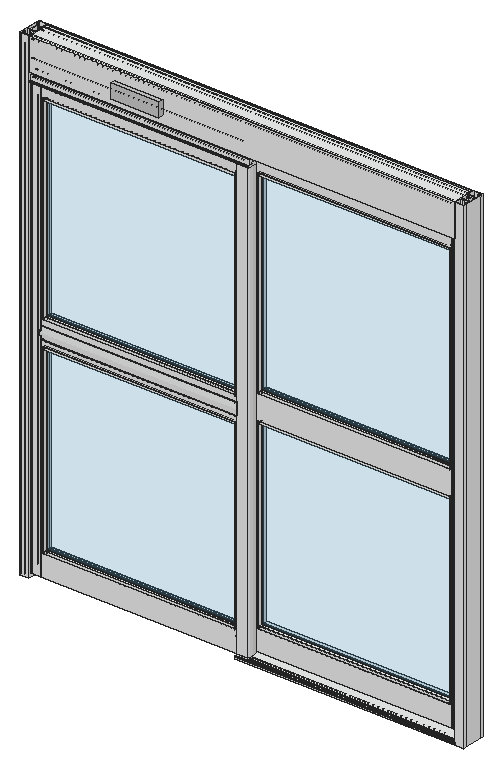
Revit family "2-6-4_Sliding-Door_TX9300SL_Single-LH-Inside-Slide-SO-SX-w-Elec-Lock-Flush-Mnt-Exit-Panic-HDW_Tormax", category Doors, host Wall, Revit 2026 (continued)
Definition of nested family "Door-Sliding-Tormax-Panel-Exit_Panic-SX_2.6"
  Forms (in)
    Sweep 3, solid, material <- "Frame Material"
      profile origin (20.71875, 0, 42.06249) x (-1, 0, 0) y (0, -1, 0)
        loop
          arc (0.25342, -0.37931) -> (0.28778, -0.57356) -> (0.33606, -0.76483) r 2.73645
          line (0.33606, -0.76483) -> (1.844, -0.76483)
    Sweep 4, solid, material <- "Frame Material"
      path origin (0, 0, 0) x (1, 0, 0) y (0, 0, 1)
        loop
          line (0, 4.5) -> (0, 39.75)
      profile origin (0, 0, 22.125) x (-1, 0, 0) y (0, -1, 0)
        loop
          line (-18.59375, -0.87481) -> (-18.09395, -0.87481) -> (-18.09395, -0.20955) -> (-18.05909, -0.20955) -> (-17.99796, -0.09459) -> (-18.01995, -0.07259) -> (-18.09186, -0.12483) -> (-18.30168, -0.12483) -> (-18.30168, -0.20955) -> (-18.4693, -0.20955) -> (-18.4693, -0.13997) -> (-18.55595, -0.13997) -> (-18.55595, 0.13997) -> (-18.4693, 0.13997) -> (-18.4693, 0.20955) -> (-18.30168, 0.20955) -> (-18.30168, 0.12483) -> (-18.09186, 0.12483) -> (-18.01995, 0.07259) -> (-17.99796, 0.09459) -> (-18.05909, 0.20955) -> (-18.09395, 0.20955) -> (-18.09395, 0.87481) -> (-18.59375, 0.87481) -> (-18.59375, 0.66561) -> (-18.69347, 0.66561) -> (-18.69347, 0.76483) -> (-18.74347, 0.76483) -> (-18.74347, 0.6157) -> (-18.63748, 0.6157) -> (-18.51344, 0.49166) -> (-18.51344, 0.32983)
          arc (-18.51344, 0.32983) -> (-18.57886, 0.30274) -> (-18.60595, 0.23732) r 0.09251
          line (-18.60595, 0.23732) -> (-18.60595, 0.1901) -> (-18.74975, 0.1901) -> (-18.74975, 0.13997) -> (-18.60595, 0.13997) -> (-18.60595, -0.13997) -> (-18.74975, -0.13997) -> (-18.74975, -0.1901) -> (-18.61896, -0.1901) -> (-18.61896, -0.25955) -> (-18.40109, -0.25955) -> (-18.40109, -0.4032) -> (-18.14361, -0.4032) -> (-18.14361, -0.8251) -> (-18.54358, -0.8251) -> (-18.54358, -0.65698) -> (-18.65806, -0.65698) -> (-18.65806, -0.70698) -> (-18.59375, -0.70698) -> (-18.59375, -0.87481)
        loop
          line (-18.49369, 0.8251) -> (-18.49369, 0.74143) -> (-18.55985, 0.74143) -> (-18.55985, 0.67847) -> (-18.46344, 0.58206) -> (-18.46344, 0.25099) -> (-18.40109, 0.25099) -> (-18.40109, 0.4032) -> (-18.14361, 0.4032) -> (-18.14361, 0.8251) -> (-18.49369, 0.8251)
        loop
          line (18.59375, -0.87481) -> (18.59375, -0.70698) -> (18.65806, -0.70698) -> (18.65806, -0.65698) -> (18.54358, -0.65698) -> (18.54358, -0.8251) -> (18.14361, -0.8251) -> (18.14361, -0.4032) -> (18.40109, -0.4032) -> (18.40109, -0.25955) -> (18.61896, -0.25955) -> (18.61896, -0.1901) -> (18.74975, -0.1901) -> (18.74975, -0.13997) -> (18.60595, -0.13997) -> (18.60595, 0.13997) -> (18.74975, 0.13997) -> (18.74975, 0.1901) -> (18.60595, 0.1901) -> (18.60595, 0.23732)
          arc (18.60595, 0.23732) -> (18.57886, 0.30274) -> (18.51344, 0.32983) r 0.09251
          line (18.51344, 0.32983) -> (18.51344, 0.49166) -> (18.63748, 0.6157) -> (18.74347, 0.6157) -> (18.74347, 0.76483) -> (18.69347, 0.76483) -> (18.69347, 0.66561) -> (18.59375, 0.66561) -> (18.59375, 0.87481) -> (18.09395, 0.87481) -> (18.09395, 0.20955) -> (18.05909, 0.20955) -> (17.99796, 0.09459) -> (18.01995, 0.07259) -> (18.09186, 0.12483) -> (18.30168, 0.12483) -> (18.30168, 0.20955) -> (18.4693, 0.20955) -> (18.4693, 0.13997) -> (18.55595, 0.13997) -> (18.55595, -0.13997) -> (18.4693, -0.13997) -> (18.4693, -0.20955) -> (18.30168, -0.20955) -> (18.30168, -0.12483) -> (18.09186, -0.12483) -> (18.01995, -0.07259) -> (17.99796, -0.09459) -> (18.05909, -0.20955) -> (18.09395, -0.20955) -> (18.09395, -0.87481) -> (18.59375, -0.87481)
        loop
          line (18.49369, 0.8251) -> (18.14361, 0.8251) -> (18.14361, 0.4032) -> (18.40109, 0.4032) -> (18.40109, 0.25099) -> (18.46344, 0.25099) -> (18.46344, 0.58206) -> (18.55985, 0.67847) -> (18.55985, 0.74143) -> (18.49369, 0.74143) -> (18.49369, 0.8251)
    Extrusion 5, solid, material <- "Glass"
      sketch origin (0, 0, 0) x (1, 0, 0) y (0, 1, 0)
        loop
          line (-18.30168, 0.12483) -> (-18.30168, -0.12517) -> (18.30168, -0.12517) -> (18.30168, 0.12483) -> (-18.30168, 0.12483)
      from 4.60457 to 39.45793
    Sweep 6, solid, material <- "Frame Material"
      path origin (0, 0, 0) x (1, 0, 0) y (0, 0, 1)
        loop
          line (-18.09395, 42.75) -> (18.09395, 42.75)
      profile origin (0, 0, 42.75) x (0, 0, 1) y (0, -1, 0)
        loop
          line (-38.25, -0.87481) -> (-37.7502, -0.87481) -> (-37.7502, -0.20955) -> (-37.71534, -0.20955) -> (-37.65421, -0.09459) -> (-37.6762, -0.07259) -> (-37.74811, -0.12483) -> (-37.95793, -0.12483) -> (-37.95793, -0.20955) -> (-38.12555, -0.20955) -> (-38.12555, -0.13997) -> (-38.2122, -0.13997) -> (-38.2122, 0.13997) -> (-38.12555, 0.13997) -> (-38.12555, 0.20955) -> (-37.95793, 0.20955) -> (-37.95793, 0.12483) -> (-37.74811, 0.12483) -> (-37.6762, 0.07259) -> (-37.65421, 0.09459) -> (-37.71534, 0.20955) -> (-37.7502, 0.20955) -> (-37.7502, 0.87481) -> (-38.25, 0.87481) -> (-38.25, 0.66561) -> (-38.34972, 0.66561) -> (-38.34972, 0.76483) -> (-38.39972, 0.76483) -> (-38.39972, 0.6157) -> (-38.29373, 0.6157) -> (-38.16969, 0.49166) -> (-38.16969, 0.32983)
          arc (-38.16969, 0.32983) -> (-38.23511, 0.30274) -> (-38.2622, 0.23732) r 0.09251
          line (-38.2622, 0.23732) -> (-38.2622, 0.1901) -> (-38.406, 0.1901) -> (-38.406, 0.13997) -> (-38.2622, 0.13997) -> (-38.2622, -0.13997) -> (-38.406, -0.13997) -> (-38.406, -0.1901) -> (-38.27521, -0.1901) -> (-38.27521, -0.25955) -> (-38.05734, -0.25955) -> (-38.05734, -0.4032) -> (-37.79986, -0.4032) -> (-37.79986, -0.8251) -> (-38.19983, -0.8251) -> (-38.19983, -0.65698) -> (-38.31431, -0.65698) -> (-38.31431, -0.70698) -> (-38.25, -0.70698) -> (-38.25, -0.87481)
        loop
          line (-38.14994, 0.8251) -> (-38.14994, 0.74143) -> (-38.2161, 0.74143) -> (-38.2161, 0.67847) -> (-38.11969, 0.58206) -> (-38.11969, 0.25099) -> (-38.05734, 0.25099) -> (-38.05734, 0.4032) -> (-37.79986, 0.4032) -> (-37.79986, 0.8251) -> (-38.14994, 0.8251)
        loop
          line (-3, -0.87481) -> (-3, -0.70698) -> (-2.93569, -0.70698) -> (-2.93569, -0.65698) -> (-3.05017, -0.65698) -> (-3.05017, -0.8251) -> (-3.45014, -0.8251) -> (-3.45014, -0.4032) -> (-3.19266, -0.4032) -> (-3.19266, -0.25955) -> (-2.97479, -0.25955) -> (-2.97479, -0.1901) -> (-2.844, -0.1901) -> (-2.844, -0.13997) -> (-2.9878, -0.13997) -> (-2.9878, 0.13997) -> (-2.844, 0.13997) -> (-2.844, 0.1901) -> (-2.9878, 0.1901) -> (-2.9878, 0.23732)
          arc (-2.9878, 0.23732) -> (-3.01489, 0.30274) -> (-3.08031, 0.32983) r 0.09251
          line (-3.08031, 0.32983) -> (-3.08031, 0.49166) -> (-2.95627, 0.6157) -> (-2.85028, 0.6157) -> (-2.85028, 0.76483) -> (-2.90028, 0.76483) -> (-2.90028, 0.66561) -> (-3, 0.66561) -> (-3, 0.87481) -> (-3.4998, 0.87481) -> (-3.4998, 0.20955) -> (-3.53466, 0.20955) -> (-3.59579, 0.09459) -> (-3.5738, 0.07259) -> (-3.50189, 0.12483) -> (-3.29207, 0.12483) -> (-3.29207, 0.20955) -> (-3.12445, 0.20955) -> (-3.12445, 0.13997) -> (-3.0378, 0.13997) -> (-3.0378, -0.13997) -> (-3.12445, -0.13997) -> (-3.12445, -0.20955) -> (-3.29207, -0.20955) -> (-3.29207, -0.12483) -> (-3.50189, -0.12483) -> (-3.5738, -0.07259) -> (-3.59579, -0.09459) -> (-3.53466, -0.20955) -> (-3.4998, -0.20955) -> (-3.4998, -0.87481) -> (-3, -0.87481)
        loop
          line (-3.10006, 0.8251) -> (-3.45014, 0.8251) -> (-3.45014, 0.4032) -> (-3.19266, 0.4032) -> (-3.19266, 0.25099) -> (-3.13031, 0.25099) -> (-3.13031, 0.58206) -> (-3.0339, 0.67847) -> (-3.0339, 0.74143) -> (-3.10006, 0.74143) -> (-3.10006, 0.8251)
        loop
          line (1.5, -0.87481) -> (1.9998, -0.87481) -> (1.9998, -0.20955) -> (2.03466, -0.20955) -> (2.09579, -0.09459) -> (2.0738, -0.07259) -> (2.00189, -0.12483) -> (1.79207, -0.12483) -> (1.79207, -0.20955) -> (1.62445, -0.20955) -> (1.62445, -0.13997) -> (1.5378, -0.13997) -> (1.5378, 0.13997) -> (1.62445, 0.13997) -> (1.62445, 0.20955) -> (1.79207, 0.20955) -> (1.79207, 0.12483) -> (2.00189, 0.12483) -> (2.0738, 0.07259) -> (2.09579, 0.09459) -> (2.03466, 0.20955) -> (1.9998, 0.20955) -> (1.9998, 0.87481) -> (1.5, 0.87481) -> (1.5, 0.66561) -> (1.40028, 0.66561) -> (1.40028, 0.76483) -> (1.35028, 0.76483) -> (1.35028, 0.6157) -> (1.45627, 0.6157) -> (1.58031, 0.49166) -> (1.58031, 0.32983)
          arc (1.58031, 0.32983) -> (1.51489, 0.30274) -> (1.4878, 0.23732) r 0.09251
          line (1.4878, 0.23732) -> (1.4878, 0.1901) -> (1.344, 0.1901) -> (1.344, 0.13997) -> (1.4878, 0.13997) -> (1.4878, -0.13997) -> (1.344, -0.13997) -> (1.344, -0.1901) -> (1.47479, -0.1901) -> (1.47479, -0.25955) -> (1.69266, -0.25955) -> (1.69266, -0.4032) -> (1.95014, -0.4032) -> (1.95014, -0.8251) -> (1.55017, -0.8251) -> (1.55017, -0.65698) -> (1.43569, -0.65698) -> (1.43569, -0.70698) -> (1.5, -0.70698) -> (1.5, -0.87481)
        loop
          line (1.60006, 0.8251) -> (1.60006, 0.74143) -> (1.5339, 0.74143) -> (1.5339, 0.67847) -> (1.63031, 0.58206) -> (1.63031, 0.25099) -> (1.69266, 0.25099) -> (1.69266, 0.4032) -> (1.95014, 0.4032) -> (1.95014, 0.8251) -> (1.60006, 0.8251)
        loop
          line (39.12499, -0.87481) -> (39.12499, -0.70698) -> (39.18929, -0.70698) -> (39.18929, -0.65698) -> (39.07481, -0.65698) -> (39.07481, -0.8251) -> (38.67485, -0.8251) -> (38.67485, -0.4032) -> (38.93233, -0.4032) -> (38.93233, -0.25955) -> (39.1502, -0.25955) -> (39.1502, -0.1901) -> (39.28099, -0.1901) -> (39.28099, -0.13997) -> (39.13719, -0.13997) -> (39.13719, 0.13997) -> (39.28099, 0.13997) -> (39.28099, 0.1901) -> (39.13719, 0.1901) -> (39.13719, 0.23732)
          arc (39.13719, 0.23732) -> (39.11009, 0.30274) -> (39.04468, 0.32983) r 0.09251
          line (39.04468, 0.32983) -> (39.04468, 0.49166) -> (39.16871, 0.6157) -> (39.2747, 0.6157) -> (39.2747, 0.76483) -> (39.2247, 0.76483) -> (39.2247, 0.66561) -> (39.12499, 0.66561) -> (39.12499, 0.87481) -> (38.62519, 0.87481) -> (38.62519, 0.20955) -> (38.59032, 0.20955) -> (38.5292, 0.09459) -> (38.55119, 0.07259) -> (38.6231, 0.12483) -> (38.83291, 0.12483) -> (38.83291, 0.20955) -> (39.00054, 0.20955) -> (39.00054, 0.13997) -> (39.08719, 0.13997) -> (39.08719, -0.13997) -> (39.00054, -0.13997) -> (39.00054, -0.20955) -> (38.83291, -0.20955) -> (38.83291, -0.12483) -> (38.6231, -0.12483) -> (38.55119, -0.07259) -> (38.5292, -0.09459) -> (38.59032, -0.20955) -> (38.62519, -0.20955) -> (38.62519, -0.87481) -> (39.12499, -0.87481)
        loop
          line (39.02493, 0.8251) -> (38.67485, 0.8251) -> (38.67485, 0.4032) -> (38.93233, 0.4032) -> (38.93233, 0.25099) -> (38.99468, 0.25099) -> (38.99468, 0.58206) -> (39.09109, 0.67847) -> (39.09109, 0.74143) -> (39.02493, 0.74143) -> (39.02493, 0.8251)
    Sweep 7, solid, material <- "Frame Material"
      path origin (0, 0, 0) x (1, 0, 0) y (0, 0, 1)
        loop
          line (0, 44.25) -> (0, 81.87499)
      profile origin (0, 0, 63.06249) x (-1, 0, 0) y (0, -1, 0)
        loop
          line (-18.59375, -0.87481) -> (-18.09395, -0.87481) -> (-18.09395, -0.20955) -> (-18.05909, -0.20955) -> (-17.99796, -0.09459) -> (-18.01995, -0.07259) -> (-18.09186, -0.12483) -> (-18.30168, -0.12483) -> (-18.30168, -0.20955) -> (-18.4693, -0.20955) -> (-18.4693, -0.13997) -> (-18.55595, -0.13997) -> (-18.55595, 0.13997) -> (-18.4693, 0.13997) -> (-18.4693, 0.20955) -> (-18.30168, 0.20955) -> (-18.30168, 0.12483) -> (-18.09186, 0.12483) -> (-18.01995, 0.07259) -> (-17.99796, 0.09459) -> (-18.05909, 0.20955) -> (-18.09395, 0.20955) -> (-18.09395, 0.87481) -> (-18.59375, 0.87481) -> (-18.59375, 0.66561) -> (-18.69347, 0.66561) -> (-18.69347, 0.76483) -> (-18.74347, 0.76483) -> (-18.74347, 0.6157) -> (-18.63748, 0.6157) -> (-18.51344, 0.49166) -> (-18.51344, 0.32983)
          arc (-18.51344, 0.32983) -> (-18.57886, 0.30274) -> (-18.60595, 0.23732) r 0.09251
          line (-18.60595, 0.23732) -> (-18.60595, 0.1901) -> (-18.74975, 0.1901) -> (-18.74975, 0.13997) -> (-18.60595, 0.13997) -> (-18.60595, -0.13997) -> (-18.74975, -0.13997) -> (-18.74975, -0.1901) -> (-18.61896, -0.1901) -> (-18.61896, -0.25955) -> (-18.40109, -0.25955) -> (-18.40109, -0.4032) -> (-18.14361, -0.4032) -> (-18.14361, -0.8251) -> (-18.54358, -0.8251) -> (-18.54358, -0.65698) -> (-18.65806, -0.65698) -> (-18.65806, -0.70698) -> (-18.59375, -0.70698) -> (-18.59375, -0.87481)
        loop
          line (-18.49369, 0.8251) -> (-18.49369, 0.74143) -> (-18.55985, 0.74143) -> (-18.55985, 0.67847) -> (-18.46344, 0.58206) -> (-18.46344, 0.25099) -> (-18.40109, 0.25099) -> (-18.40109, 0.4032) -> (-18.14361, 0.4032) -> (-18.14361, 0.8251) -> (-18.49369, 0.8251)
        loop
          line (18.59375, -0.87481) -> (18.59375, -0.70698) -> (18.65806, -0.70698) -> (18.65806, -0.65698) -> (18.54358, -0.65698) -> (18.54358, -0.8251) -> (18.14361, -0.8251) -> (18.14361, -0.4032) -> (18.40109, -0.4032) -> (18.40109, -0.25955) -> (18.61896, -0.25955) -> (18.61896, -0.1901) -> (18.74975, -0.1901) -> (18.74975, -0.13997) -> (18.60595, -0.13997) -> (18.60595, 0.13997) -> (18.74975, 0.13997) -> (18.74975, 0.1901) -> (18.60595, 0.1901) -> (18.60595, 0.23732)
          arc (18.60595, 0.23732) -> (18.57886, 0.30274) -> (18.51344, 0.32983) r 0.09251
          line (18.51344, 0.32983) -> (18.51344, 0.49166) -> (18.63748, 0.6157) -> (18.74347, 0.6157) -> (18.74347, 0.76483) -> (18.69347, 0.76483) -> (18.69347, 0.66561) -> (18.59375, 0.66561) -> (18.59375, 0.87481) -> (18.09395, 0.87481) -> (18.09395, 0.20955) -> (18.05909, 0.20955) -> (17.99796, 0.09459) -> (18.01995, 0.07259) -> (18.09186, 0.12483) -> (18.30168, 0.12483) -> (18.30168, 0.20955) -> (18.4693, 0.20955) -> (18.4693, 0.13997) -> (18.55595, 0.13997) -> (18.55595, -0.13997) -> (18.4693, -0.13997) -> (18.4693, -0.20955) -> (18.30168, -0.20955) -> (18.30168, -0.12483) -> (18.09186, -0.12483) -> (18.01995, -0.07259) -> (17.99796, -0.09459) -> (18.05909, -0.20955) -> (18.09395, -0.20955) -> (18.09395, -0.87481) -> (18.59375, -0.87481)
        loop
          line (18.49369, 0.8251) -> (18.14361, 0.8251) -> (18.14361, 0.4032) -> (18.40109, 0.4032) -> (18.40109, 0.25099) -> (18.46344, 0.25099) -> (18.46344, 0.58206) -> (18.55985, 0.67847) -> (18.55985, 0.74143) -> (18.49369, 0.74143) -> (18.49369, 0.8251)
    Extrusion 8, solid, material <- "Glass"
      sketch origin (0, 0, 0) x (1, 0, 0) y (0, 1, 0)
        loop
          line (-18.30168, 0.12483) -> (-18.30168, -0.12517) -> (18.30168, -0.12517) -> (18.30168, 0.12483) -> (-18.30168, 0.12483)
      from 44.54207 to 81.58291
    Sweep 9, solid, material <- "Frame Material"
      path origin (0, 0, 0) x (1, 0, 0) y (0, 0, 1)
        loop
          line (-20.71875, 85) -> (20.71875, 85)
      profile origin (0, 0, 85) x (0, 0, 1) y (0, -1, 0)
        loop
          line (-1.08693, 0.859) -> (-1.37501, 0.859) -> (-1.37501, -0.859) -> (-0.74993, -0.859) -> (-0.74993, 0.08652)
          arc (-0.74993, 0.08652) -> (-0.76143, 0.13208) -> (-0.77716, 0.17636) r 0.5
          arc (-0.77716, 0.17636) -> (-0.80493, 0.195) -> (-0.83269, 0.17636) r 0.03
          arc (-0.83269, 0.17636) -> (-0.86053, 0.08351) -> (-0.86993, -0.01297) r 0.5
          line (-0.86993, -0.01297) -> (-0.86993, -0.25306)
          arc (-0.86993, -0.25306) -> (-0.94496, -0.328) -> (-1.01993, -0.253) r 0.075
          line (-1.01993, -0.253) -> (-1.01993, 0.28267)
          arc (-1.01993, 0.28267) -> (-1.03846, 0.41755) -> (-1.0927, 0.54243) r 0.5
          line (-1.0927, 0.54243) -> (-1.21193, 0.49529) -> (-1.21193, 0.68471) -> (-1.08693, 0.63529) -> (-1.08693, 0.859)
    Extrusion 10, solid
      sketch origin (0, 0, 0) x (1, 0, 0) y (0, 1, 0)
        loop
          circle (-19.67175, 0) r 0.69
      from 0 to 0.5
  Lines and regions (in)
    symbolic lines
      curve 1: line (-19.67175, 0.91, 0) -> (-19.67175, 41.3005, 0)
      curve 2: arc (-19.67175, 41.3005, 0) -> (8.88865, 29.4704, 0) -> (20.71875, 0.91, 0) r 40.3905
      curve 3: line (-20.71875, 0, 42) -> (20.71875, 0, 83.62499)
      curve 4: line (-20.71875, 0, 42) -> (20.71875, 0, 0.5)
  Dimensions and locks (in)
    "Height": plane 4 to level
    equal spacing: plane 9, plane 3 "Center (Left/Right)", plane 10
    "Width": plane 9 to plane 10
    "Thickness": plane 8 "exterior" to plane 7
    equal spacing: plane 8 "exterior", plane 1 "Center (Front/Back)", plane 7
    locked: plane 9 to plane 11 at 2.125
    locked: plane 12 to plane 10 at 2.125
    plane 9 to Sweep 1 sketch curve to Sweep 1 sketch curve = 0' - 2 1/8" locked, 0' - 0" locked
    plane 14 to plane 15 = 0' - 4"
    locked: Sweep 4 sketch curve to plane 12 at 0.4998  (x2)
    plane 11 to Sweep 4 sketch curve to Sweep 4 sketch curve = 0' - 0.4998" locked, 0' - 0" locked
    plane 6 to plane 1 "Center (Front/Back)" to plane 5 = 0' - 0.12517" locked, 0' - 0.12483" locked
    locked: Extrusion 5 sketch curve to plane 12 at 0.29207
    locked: plane 11 to Extrusion 5 sketch curve at 0.29207
    locked: Sweep 6 sketch curve to plane 12 at 0.4998
    locked: Sweep 6 sketch curve to plane 11 at 0.4998
    locked: plane 2 to Extrusion 5 at 4.60457
    locked: Extrusion 8 to plane 13 at 0.29207
    locked: plane 11 to Sweep 7 sketch curve at 0.4998  (x2)
    Sweep 7 sketch curve to Sweep 7 sketch curve to plane 12 = 0' - 0" locked, 0' - 0.4998" locked
    plane 13 to plane 4 = 0' - 3 1/8"
    plane 13 to Sweep 2 sketch curve to Sweep 2 sketch curve = 0' - 1.444" locked, 0' - 0.15" locked
    plane 12 to plane 10 = 0' - 2 1/8"
    locked: plane 15 to plane 2 at 0.5
    locked: Sweep 6 sketch curve to plane 13 at 0.4998
    locked: Sweep 6 sketch curve to plane 14 at 0.4998  (x2)
    locked: plane 17 to plane 16 at 2.25
    locked: plane 16 to plane 18 at 2.25
    plane 18 to Extrusion 5 = 0' - 0.29207"
    locked: plane 16 to plane 2 at 42
    locked: Extrusion 8 to plane 17 at 0.29207
    locked: plane 9 to plane 19 at 1.047
    locked: plane 13 to plane 20 at 1.75
    locked: plane 20 to Sweep 9 sketch curve at 0.62508
    "Door Swing": radius of curve 2
    aligned and locked: plane 2 to level
    aligned and locked: Sweep 1 sketch curve to plane 9
    aligned and locked: Sweep 1 sketch curve to plane 8 "exterior"
    aligned and locked: Sweep 1 sketch curve to plane 7
    aligned and locked: plane 11 to Sweep 2 sketch curve
    aligned and locked: plane 12 to Sweep 2 sketch curve
    aligned and locked: Sweep 2 sketch curve to plane 2
    aligned and locked: plane 10 to Sweep 3 sketch curve
    aligned and locked: plane 12 to Sweep 3 sketch curve
    aligned and locked: plane 3 "Center (Left/Right)" to Sweep 4 sketch curve
    aligned and locked: plane 14 to Sweep 4 sketch curve
    aligned and locked: Sweep 4 sketch curve to plane 12
    aligned and locked: plane 12 to Sweep 4 sketch curve
    aligned and locked: plane 11 to Sweep 4 sketch curve
    aligned and locked: Sweep 4 sketch curve to plane 11
    aligned and locked: plane 5 to Extrusion 5 sketch curve
    aligned and locked: plane 6 to Extrusion 5 sketch curve
    aligned and locked: plane 13 to Sweep 7 sketch curve
    aligned and locked: plane 11 to Sweep 7 sketch curve
    aligned and locked: Sweep 7 sketch curve to plane 11
    aligned and locked: Sweep 7 sketch curve to plane 12
    aligned and locked: plane 12 to Sweep 7 sketch curve
    aligned and locked: plane 9 to Sweep 9 sketch curve
    aligned and locked: plane 10 to Sweep 9 sketch curve
    aligned and locked: Sweep 9 sketch curve to plane 4
    aligned and locked: Sweep 2 sketch curve to plane 13  (x2)
    aligned and locked: plane 8 "exterior" to curve 2  (x2)
    aligned and locked: plane 9 to curve 3
    aligned and locked: plane 14 to Sweep 2 sketch curve  (x2)
    aligned and locked: Sweep 2 sketch curve to plane 15  (x2)
    aligned and locked: plane 16 to curve 3
    aligned and locked: plane 18 to Sweep 4 sketch curve
    aligned and locked: plane 17 to Sweep 7 sketch curve
    aligned and locked: plane 15 to Sweep 1 sketch curve
    aligned and locked: plane 15 to Sweep 3 sketch curve
    aligned and locked: plane 15 to curve 4
    aligned and locked: plane 10 to curve 4
    aligned and locked: plane 1 "Center (Front/Back)" to Extrusion 10 sketch curve
    aligned and locked: Sweep 1 to Extrusion 10
    aligned and locked: plane 19 to curve 2
    aligned and locked: curve 1 to plane 19
    aligned and locked: plane 20 to Sweep 1 sketch curve
    aligned and locked: plane 20 to Sweep 3 sketch curve
    aligned and locked: plane 10 to curve 3
    aligned and locked: plane 20 to curve 3
    aligned and locked: Sweep 9 sketch curve to plane 20
  Automatic sketch dimensions
    Sweep 4 sketch curve to Sweep 4 sketch curve = 0' - 0.0122"
    Sweep 4 sketch curve to plane 1 "Center (Front/Back)" = 0' - 0.13997"
    Sweep 4 sketch curve to Sweep 4 sketch curve = 0' - 0"  (x5)
    Sweep 4 sketch curve to Sweep 4 sketch curve = 0' - 0.01301"  (x2)
    plane 1 "Center (Front/Back)" to Sweep 4 sketch curve = 0' - 0.6157"
    Sweep 4 sketch curve to Sweep 4 sketch curve = 0' - 0.04373"  (x2)
    Sweep 4 sketch curve to Sweep 4 sketch curve = 0' - 0.06431"  (x2)
    Sweep 4 sketch curve to Sweep 4 sketch curve = 0' - 0.05599"
    Sweep 4 sketch curve to Sweep 4 sketch curve = 0' - 0.05"  (x8)
    Sweep 4 sketch curve to Sweep 4 sketch curve = 0' - 0.13079"  (x2)
    Sweep 4 sketch curve to Sweep 4 sketch curve = 0' - 0.1438"  (x2)
    Sweep 4 sketch curve to Sweep 4 sketch curve = 0' - 0.0339"  (x2)
    Sweep 4 sketch curve to Sweep 4 sketch curve = 0' - 0.05017"  (x2)
    plane 1 "Center (Front/Back)" to Sweep 4 sketch curve = 0' - 0.49166"
    Sweep 4 sketch curve to Sweep 4 sketch curve = 0' - 0.12404"  (x2)
    Sweep 4 sketch curve to Sweep 4 sketch curve = 0' - 0.06616"  (x2)
    Sweep 4 sketch curve to Sweep 4 sketch curve = 0' - 0.08665"  (x3)
    Sweep 4 sketch curve to Sweep 4 sketch curve = 0' - 0.00586"  (x2)
    Sweep 4 sketch curve to Sweep 4 sketch curve = 0' - 0.0682"  (x2)
    Sweep 4 sketch curve to Sweep 4 sketch curve = 0' - 0.11234"
    Sweep 4 sketch curve to Sweep 4 sketch curve = 0' - 0.09942"  (x4)
    Sweep 4 sketch curve to Sweep 4 sketch curve = 0' - 0.04966"  (x4)
    Sweep 4 sketch curve to plane 1 "Center (Front/Back)" = 0' - 0.12483"
    Sweep 4 sketch curve to Sweep 4 sketch curve = 0' - 0.00209"  (x2)
    Sweep 4 sketch curve to Sweep 4 sketch curve = 0' - 0.03487"  (x4)
    plane 1 "Center (Front/Back)" to Sweep 4 sketch curve = 0' - 0.20955"  (x2)
    plane 1 "Center (Front/Back)" to Sweep 4 sketch curve = 0' - 0.07259"  (x2)
    Sweep 4 sketch curve to Sweep 4 sketch curve = 0' - 0.0719"  (x4)
    Sweep 4 sketch curve to plane 1 "Center (Front/Back)" = 0' - 0.07259"  (x2)
    Sweep 4 sketch curve to plane 1 "Center (Front/Back)" = 0' - 0.09459"  (x2)
    Sweep 4 sketch curve to Sweep 4 sketch curve = 0' - 0.02199"  (x4)
    plane 1 "Center (Front/Back)" to Sweep 4 sketch curve = 0' - 0.09459"  (x2)
    Sweep 4 sketch curve to Sweep 4 sketch curve = 0' - 0.06113"
    Sweep 4 sketch curve to plane 1 "Center (Front/Back)" = 0' - 0.20955"
    plane 1 "Center (Front/Back)" to Sweep 4 sketch curve = 0' - 0.12483"
    Sweep 4 sketch curve to Sweep 4 sketch curve = 0' - 0.06234"
    Sweep 4 sketch curve to Sweep 4 sketch curve = 0' - 0.03026"
    Sweep 4 sketch curve to Sweep 4 sketch curve = 0' - 0.14248"
    Sweep 4 sketch curve to Sweep 4 sketch curve = 0' - 0.09251"
    Sweep 4 sketch curve to Sweep 4 sketch curve = 0' - 0.13361"
    Sweep 4 sketch curve to plane 1 "Center (Front/Back)" = 0' - 0.25955"
    Sweep 4 sketch curve to Sweep 4 sketch curve = 0' - 0.11958"
    Sweep 4 sketch curve to Sweep 4 sketch curve = 0' - 0.14365"
    Sweep 4 sketch curve to Sweep 4 sketch curve = 0' - 0.19365"  (x3)
    Sweep 4 sketch curve to Sweep 4 sketch curve = 0' - 0.25378"  (x2)
    Sweep 4 sketch curve to Sweep 4 sketch curve = 0' - 0.4219"  (x2)
    Sweep 4 sketch curve to Sweep 4 sketch curve = 0' - 0.04971"  (x4)
    Sweep 4 sketch curve to Sweep 4 sketch curve = 0' - 0.08472"  (x5)
    Sweep 4 sketch curve to Sweep 4 sketch curve = 0' - 0.05012"  (x4)
    Sweep 4 sketch curve to Sweep 4 sketch curve = 0' - 0.06945"
    Sweep 4 sketch curve to Sweep 4 sketch curve = 0' - 0.06958"  (x2)
    plane 1 "Center (Front/Back)" to Sweep 4 sketch curve = 0' - 0.13997"  (x2)
    Sweep 4 sketch curve to Sweep 4 sketch curve = 0' - 0.04722"
    Sweep 4 sketch curve to Sweep 4 sketch curve = 0' - 0.02777"
    Sweep 4 sketch curve to Sweep 4 sketch curve = 0' - 0.04144"  (x2)
    Sweep 4 sketch curve to Sweep 4 sketch curve = 0' - 0.08847"
    Sweep 4 sketch curve to Sweep 4 sketch curve = 0' - 0.0904"  (x2)
    Sweep 4 sketch curve to Sweep 4 sketch curve = 0' - 0.04991"  (x2)
    Sweep 4 sketch curve to Sweep 4 sketch curve = 0' - 0.01286"  (x2)
    Sweep 4 sketch curve to Sweep 4 sketch curve = 0' - 0.06296"  (x2)
    Sweep 4 sketch curve to Sweep 4 sketch curve = 0' - 0.09922"  (x2)
    Sweep 4 sketch curve to Sweep 4 sketch curve = 0' - 0.08367"  (x2)
    Sweep 7 sketch curve to plane 3 "Center (Left/Right)" = 0' - 0"
    plane 1 "Center (Front/Back)" to Sweep 7 sketch curve = 0' - 0.1901"
    Sweep 7 sketch curve to Sweep 7 sketch curve = 0' - 0"  (x6)
    Sweep 7 sketch curve to Sweep 7 sketch curve = 0' - 0.00628"
    Sweep 7 sketch curve to Sweep 7 sketch curve = 0' - 0.05"  (x8)
    Sweep 7 sketch curve to Sweep 7 sketch curve = 0' - 0.05599"
    Sweep 7 sketch curve to Sweep 7 sketch curve = 0' - 0.13079"  (x2)
    Sweep 7 sketch curve to Sweep 7 sketch curve = 0' - 0.1438"  (x2)
    Sweep 7 sketch curve to Sweep 7 sketch curve = 0' - 0.06431"  (x2)
    Sweep 7 sketch curve to Sweep 7 sketch curve = 0' - 0.04373"  (x2)
    Sweep 7 sketch curve to Sweep 7 sketch curve = 0' - 0.0339"  (x2)
    Sweep 7 sketch curve to Sweep 7 sketch curve = 0' - 0.05017"  (x2)
    plane 1 "Center (Front/Back)" to Sweep 7 sketch curve = 0' - 0.49166"
    Sweep 7 sketch curve to Sweep 7 sketch curve = 0' - 0.12404"  (x3)
    Sweep 7 sketch curve to Sweep 7 sketch curve = 0' - 0.06616"  (x2)
    Sweep 7 sketch curve to Sweep 7 sketch curve = 0' - 0.08665"  (x3)
    Sweep 7 sketch curve to Sweep 7 sketch curve = 0' - 0.00586"  (x2)
    Sweep 7 sketch curve to Sweep 7 sketch curve = 0' - 0.0682"  (x2)
    Sweep 7 sketch curve to Sweep 7 sketch curve = 0' - 0.11234"
    Sweep 7 sketch curve to Sweep 7 sketch curve = 0' - 0.09942"  (x4)
    Sweep 7 sketch curve to Sweep 7 sketch curve = 0' - 0.04966"  (x4)
    Sweep 7 sketch curve to plane 1 "Center (Front/Back)" = 0' - 0.12483"
    Sweep 7 sketch curve to Sweep 7 sketch curve = 0' - 0.00209"  (x2)
    Sweep 7 sketch curve to Sweep 7 sketch curve = 0' - 0.03487"  (x4)
    plane 1 "Center (Front/Back)" to Sweep 7 sketch curve = 0' - 0.20955"  (x2)
    plane 1 "Center (Front/Back)" to Sweep 7 sketch curve = 0' - 0.07259"  (x2)
    Sweep 7 sketch curve to Sweep 7 sketch curve = 0' - 0.0719"  (x4)
    Sweep 7 sketch curve to plane 1 "Center (Front/Back)" = 0' - 0.07259"  (x2)
    Sweep 7 sketch curve to plane 1 "Center (Front/Back)" = 0' - 0.09459"  (x2)
    Sweep 7 sketch curve to Sweep 7 sketch curve = 0' - 0.02199"  (x4)
    plane 1 "Center (Front/Back)" to Sweep 7 sketch curve = 0' - 0.09459"  (x2)
    Sweep 7 sketch curve to plane 1 "Center (Front/Back)" = 0' - 0.20955"
    Sweep 7 sketch curve to Sweep 7 sketch curve = 0' - 0.06113"
    plane 1 "Center (Front/Back)" to Sweep 7 sketch curve = 0' - 0.12483"
    Sweep 7 sketch curve to Sweep 7 sketch curve = 0' - 0.06234"
    Sweep 7 sketch curve to Sweep 7 sketch curve = 0' - 0.03026"
    Sweep 7 sketch curve to Sweep 7 sketch curve = 0' - 0.14248"
    Sweep 7 sketch curve to Sweep 7 sketch curve = 0' - 0.09251"
    Sweep 7 sketch curve to Sweep 7 sketch curve = 0' - 0.01301"
    Sweep 7 sketch curve to Sweep 7 sketch curve = 0' - 0.13361"
    Sweep 7 sketch curve to plane 1 "Center (Front/Back)" = 0' - 0.25955"  (x2)
    Sweep 7 sketch curve to Sweep 7 sketch curve = 0' - 0.14365"
    Sweep 7 sketch curve to Sweep 7 sketch curve = 0' - 0.19365"  (x3)
    Sweep 7 sketch curve to Sweep 7 sketch curve = 0' - 0.25378"  (x2)
    Sweep 7 sketch curve to Sweep 7 sketch curve = 0' - 0.4219"  (x2)
    Sweep 7 sketch curve to Sweep 7 sketch curve = 0' - 0.04971"  (x4)
    Sweep 7 sketch curve to Sweep 7 sketch curve = 0' - 0.08472"  (x5)
    Sweep 7 sketch curve to Sweep 7 sketch curve = 0' - 0.06945"  (x2)
    Sweep 7 sketch curve to Sweep 7 sketch curve = 0' - 0.05012"  (x4)
    Sweep 7 sketch curve to Sweep 7 sketch curve = 0' - 0.06958"  (x2)
    plane 1 "Center (Front/Back)" to Sweep 7 sketch curve = 0' - 0.13997"
    Sweep 7 sketch curve to Sweep 7 sketch curve = 0' - 0.04722"
    Sweep 7 sketch curve to Sweep 7 sketch curve = 0' - 0.02777"
    Sweep 7 sketch curve to Sweep 7 sketch curve = 0' - 0.04144"  (x2)
    Sweep 7 sketch curve to Sweep 7 sketch curve = 0' - 0.08847"
    Sweep 7 sketch curve to Sweep 7 sketch curve = 0' - 0.0904"  (x2)
    Sweep 7 sketch curve to Sweep 7 sketch curve = 0' - 0.04991"  (x2)
    Sweep 7 sketch curve to Sweep 7 sketch curve = 0' - 0.01286"  (x2)
    Sweep 7 sketch curve to Sweep 7 sketch curve = 0' - 0.06296"  (x2)
    Sweep 7 sketch curve to Sweep 7 sketch curve = 0' - 0.09922"  (x2)
    Sweep 7 sketch curve to Sweep 7 sketch curve = 0' - 0.08367"  (x2)
    Extrusion 8 sketch curve to plane 6 = 0' - 0"
    plane 5 to Extrusion 8 sketch curve = 0' - 0"
    plane 11 to Extrusion 8 sketch curve = 0' - 0.29207"
    plane 12 to Extrusion 8 sketch curve = 0' - 0.29207"
    plane 1 "Center (Front/Back)" to Sweep 9 sketch curve = 0' - 0.28267"
    Sweep 9 sketch curve to Sweep 9 sketch curve = 0' - 0.11923"
    plane 1 "Center (Front/Back)" to Sweep 9 sketch curve = 0' - 0.49529"
    Sweep 9 sketch curve to Sweep 9 sketch curve = 0' - 0 1/8"
    Sweep 9 sketch curve to Sweep 9 sketch curve = 0' - 0.00577"
    Sweep 9 sketch curve to Sweep 9 sketch curve = 0' - 0.25975"
    Sweep 9 sketch curve to Sweep 9 sketch curve = 0' - 0.09287"
    Sweep 9 sketch curve to Sweep 9 sketch curve = 0' - 0.04941"
    Sweep 9 sketch curve to Sweep 9 sketch curve = 0' - 0.22371"
    Sweep 9 sketch curve to plane 1 "Center (Front/Back)" = 0' - 0.253"
    Sweep 9 sketch curve to Sweep 9 sketch curve = 0' - 0.075"
    Sweep 9 sketch curve to Sweep 9 sketch curve = 0' - 0.00006"
    Sweep 9 sketch curve to plane 1 "Center (Front/Back)" = 0' - 0.01297"  (x3)
    Sweep 9 sketch curve to Sweep 9 sketch curve = 0' - 0"  (x2)
    Sweep 9 sketch curve to Sweep 9 sketch curve = 0' - 0.065"
    Sweep 9 sketch curve to Sweep 9 sketch curve = 0' - 0.17797"
    Sweep 9 sketch curve to Sweep 9 sketch curve = 0' - 0.02777"
    Sweep 9 sketch curve to Sweep 9 sketch curve = 0' - 0.12"
    Sweep 9 sketch curve to Sweep 9 sketch curve = 0' - 0.60594"
    plane 1 "Center (Front/Back)" to Sweep 9 sketch curve = 0' - 0.08652"
    Sweep 9 sketch curve to Sweep 9 sketch curve = 0' - 0.22"
    Sweep 3 sketch curve to Sweep 3 sketch curve = 0' - 0"  (x9)
    plane 1 "Center (Front/Back)" to Sweep 3 sketch curve = 0' - 0"
    Sweep 3 sketch curve to Sweep 3 sketch curve = 0' - 0.09725"
    Sweep 3 sketch curve to Sweep 3 sketch curve = 0' - 0.09783"  (x2)
    Sweep 3 sketch curve to Sweep 3 sketch curve = 0' - 0.05875"
    Sweep 3 sketch curve to Sweep 3 sketch curve = 0' - 0 1/8"
    Sweep 3 sketch curve to profile plane = 0' - 0.33606"
    Sweep 3 sketch curve to Sweep 3 sketch curve = 0' - 0.05805"
    Sweep 3 sketch curve to profile plane = 0' - 0.25342"
    Sweep 3 sketch curve to Sweep 3 sketch curve = 0' - 0.00312"
    Sweep 3 sketch curve to Sweep 3 sketch curve = 0' - 0.07719"  (x2)
    Sweep 3 sketch curve to Sweep 3 sketch curve = 0' - 0.06839"
    Sweep 3 sketch curve to Sweep 3 sketch curve = 0' - 0.01995"  (x2)
    Sweep 3 sketch curve to Sweep 3 sketch curve = 0' - 0.03503"  (x2)
    Sweep 3 sketch curve to Sweep 3 sketch curve = 0' - 0.05764"  (x2)
    Sweep 3 sketch curve to Sweep 3 sketch curve = 0' - 0.05533"
    Sweep 3 sketch curve to Sweep 3 sketch curve = 0' - 0.07528"  (x2)
    Sweep 3 sketch curve to Sweep 3 sketch curve = 0' - 0.07175"  (x2)
    Sweep 3 sketch curve to profile plane = 0' - 0.05562"  (x2)
    Sweep 3 sketch curve to plane 1 "Center (Front/Back)" = 0' - 0.18239"
    Sweep 3 sketch curve to Sweep 3 sketch curve = 0' - 0.19693"  (x2)
    Sweep 3 sketch curve to Sweep 3 sketch curve = 0' - 0.07617"  (x2)
    Sweep 3 sketch curve to Sweep 3 sketch curve = 0' - 0.01817"  (x2)
    Sweep 3 sketch curve to Sweep 3 sketch curve = 0' - 0.01512"
    Sweep 3 sketch curve to Sweep 3 sketch curve = 0' - 0.05648"
    Sweep 3 sketch curve to Sweep 3 sketch curve = 0' - 0.02003"  (x2)
    plane 1 "Center (Front/Back)" to Sweep 3 sketch curve = 0' - 0.18239"
    Sweep 3 sketch curve to Sweep 3 sketch curve = 0' - 0.05615"
    Sweep 3 sketch curve to Sweep 3 sketch curve = 0' - 0.07564"
    Sweep 3 sketch curve to Sweep 3 sketch curve = 0' - 0.14517"
    Sweep 3 sketch curve to Sweep 3 sketch curve = 0' - 0.05815"
    Sweep 3 sketch curve to Sweep 3 sketch curve = 0' - 0.10029"
    Sweep 3 sketch curve to profile plane = 0' - 0.10913"
    Sweep 3 sketch curve to profile plane = 0' - 0.10975"
    Sweep 3 sketch curve to Sweep 3 sketch curve = 0' - 0.07408"
    Sweep 1 sketch curve to Sweep 1 sketch curve = 0' - 0"  (x4)
    plane 1 "Center (Front/Back)" to Sweep 1 sketch curve = 0' - 0"
    Sweep 1 sketch curve to plane 1 "Center (Front/Back)" = 0' - 0.77559"
    Sweep 1 sketch curve to Sweep 1 sketch curve = 0' - 0.11639"  (x2)
    Sweep 1 sketch curve to Sweep 1 sketch curve = 0' - 0.03961"
    Sweep 1 sketch curve to Sweep 1 sketch curve = 0' - 0 1/8"
    profile plane to Sweep 1 sketch curve = 0' - 0 1/4"
    profile plane to Sweep 1 sketch curve = 0' - 0.22824"
    profile plane to Sweep 1 sketch curve = 0' - 0.14081"
    Sweep 1 sketch curve to Sweep 1 sketch curve = 0' - 0.11893"  (x2)
    Sweep 1 sketch curve to Sweep 1 sketch curve = 0' - 0.01059"
    Sweep 1 sketch curve to Sweep 1 sketch curve = 0' - 0.0672"  (x2)
    Sweep 1 sketch curve to Sweep 1 sketch curve = 0' - 0.20161"
    Sweep 1 sketch curve to Sweep 1 sketch curve = 0' - 0.05661"
    Sweep 1 sketch curve to Sweep 1 sketch curve = 0' - 0.02176"
    plane 1 "Center (Front/Back)" to Sweep 1 sketch curve = 0' - 0.18701"
    curve 1 to plane 8 "exterior" = 0' - 0"
    Sweep 2 sketch curve to Sweep 2 sketch curve = 0' - 0.198"
    Sweep 2 sketch curve to Sweep 2 sketch curve = 0' - 0.57201"
    Sweep 2 sketch curve to plane 1 "Center (Front/Back)" = 0' - 0 109/256"
    Sweep 2 sketch curve to Sweep 2 sketch curve = 0' - 0.03645"
    Sweep 2 sketch curve to plane 1 "Center (Front/Back)" = 0' - 0.74981"
    Sweep 2 sketch curve to Sweep 2 sketch curve = 0' - 0.32456"
    Sweep 2 sketch curve to Sweep 2 sketch curve = 0' - 0.75556"
    Sweep 2 sketch curve to Sweep 2 sketch curve = 0' - 0 1/8"  (x2)
    Sweep 2 sketch curve to Sweep 2 sketch curve = 0' - 0.25063"  (x4)
    Sweep 2 sketch curve to Sweep 2 sketch curve = 0' - 0.44876"  (x2)
    Sweep 2 sketch curve to Sweep 2 sketch curve = 0' - 0.13262"  (x2)
    Sweep 2 sketch curve to Sweep 2 sketch curve = 0' - 0.25159"  (x2)
    Sweep 2 sketch curve to Sweep 2 sketch curve = 0' - 0.45154"  (x2)
    Sweep 2 sketch curve to Sweep 2 sketch curve = 0' - 0.24666"
    Sweep 2 sketch curve to Sweep 2 sketch curve = 0' - 0.12615"  (x2)
    plane 1 "Center (Front/Back)" to Sweep 2 sketch curve = 0' - 0.77066"  (x2)
    Sweep 2 sketch curve to Sweep 2 sketch curve = 0' - 0.04797"  (x3)
    Sweep 2 sketch curve to plane 1 "Center (Front/Back)" = 0' - 0.77099"
    Sweep 2 sketch curve to Sweep 2 sketch curve = 0' - 0.1095"  (x2)
    Sweep 2 sketch curve to Sweep 2 sketch curve = 0' - 0.0465"  (x3)
    Sweep 2 sketch curve to Sweep 2 sketch curve = 0' - 0.10034"  (x2)
    Sweep 2 sketch curve to Sweep 2 sketch curve = 0' - 0.64383"  (x2)
    Sweep 2 sketch curve to Sweep 2 sketch curve = 0' - 0.1"  (x6)
    Sweep 2 sketch curve to Sweep 2 sketch curve = 0' - 0.03484"
    Sweep 2 sketch curve to Sweep 2 sketch curve = 0' - 0.2"
    Sweep 2 sketch curve to Sweep 2 sketch curve = 0' - 0.27023"  (x2)
    Sweep 2 sketch curve to Sweep 2 sketch curve = 0' - 0.87961"
    Sweep 2 sketch curve to Sweep 2 sketch curve = 0' - 1.37039"
    Sweep 2 sketch curve to Sweep 2 sketch curve = 0' - 0.13539"
    plane 1 "Center (Front/Back)" to Sweep 2 sketch curve = 0' - 0.16219"
    Sweep 2 sketch curve to Sweep 2 sketch curve = 0' - 0.33539"
    Sweep 2 sketch curve to Sweep 2 sketch curve = 0' - 0.13484"
    Sweep 2 sketch curve to Sweep 2 sketch curve = 0' - 0.25634"
    plane 1 "Center (Front/Back)" to Sweep 2 sketch curve = 0' - 0.77099"
    Sweep 2 sketch curve to Sweep 2 sketch curve = 0' - 0.10643"  (x2)
    Sweep 2 sketch curve to plane 1 "Center (Front/Back)" = 0' - 0.77066"
    Sweep 2 sketch curve to Sweep 2 sketch curve = 0' - 0.25057"  (x2)
    Sweep 2 sketch curve to Sweep 2 sketch curve = 0' - 0.44958"  (x2)
    Sweep 2 sketch curve to Sweep 2 sketch curve = 0' - 0.24964"  (x2)
    Sweep 2 sketch curve to Sweep 2 sketch curve = 0' - 0.04531"
    plane 1 "Center (Front/Back)" to Sweep 2 sketch curve = 0' - 0.77147"
    Sweep 2 sketch curve to Sweep 2 sketch curve = 0' - 0.04603"
    Sweep 2 sketch curve to Sweep 2 sketch curve = 0' - 0.10997"
    Sweep 2 sketch curve to plane 1 "Center (Front/Back)" = 0' - 0.70756"
    Sweep 2 sketch curve to Sweep 2 sketch curve = 0' - 0.11069"
    Sweep 2 sketch curve to Sweep 2 sketch curve = 0' - 0.06391"
    Sweep 2 sketch curve to Sweep 2 sketch curve = 0' - 0.00362"  (x2)
    Sweep 2 sketch curve to plane 1 "Center (Front/Back)" = 0' - 0.77461"
    Sweep 2 sketch curve to Sweep 2 sketch curve = 0' - 0.00039"
    Sweep 2 sketch curve to plane 1 "Center (Front/Back)" = 0' - 0.8749"
    Sweep 2 sketch curve to Sweep 2 sketch curve = 0' - 0.10425"  (x4)
    Sweep 2 sketch curve to Sweep 2 sketch curve = 0' - 0.10039"
    Sweep 2 sketch curve to Sweep 2 sketch curve = 0' - 6.15781"
    Sweep 2 sketch curve to Sweep 2 sketch curve = 0' - 0.1101"
    Sweep 2 sketch curve to Sweep 2 sketch curve = 0' - 0.01168"
    Sweep 2 sketch curve to plane 1 "Center (Front/Back)" = 0' - 0.75305"
    Sweep 2 sketch curve to Sweep 2 sketch curve = 0' - 0.00019"
    Sweep 2 sketch curve to Sweep 2 sketch curve = 0' - 0.031"  (x4)
    Sweep 2 sketch curve to Sweep 2 sketch curve = 0' - 0.03386"  (x2)
    Sweep 2 sketch curve to Sweep 2 sketch curve = 0' - 0.05146"  (x2)
    Sweep 2 sketch curve to Sweep 2 sketch curve = 0' - 0.03119"  (x2)
    Sweep 2 sketch curve to Sweep 2 sketch curve = 0' - 0.06145"  (x4)
    Sweep 2 sketch curve to Sweep 2 sketch curve = 0' - 0.06322"  (x4)
    Sweep 2 sketch curve to Sweep 2 sketch curve = 0' - 0.12539"  (x2)
    Sweep 2 sketch curve to Sweep 2 sketch curve = 0' - 0.21"  (x2)
    Sweep 2 sketch curve to plane 1 "Center (Front/Back)" = 0' - 0.27511"  (x2)
    Sweep 2 sketch curve to Sweep 2 sketch curve = 0' - 0.25268"
    plane 1 "Center (Front/Back)" to Sweep 2 sketch curve = 0' - 0.5938"
    plane 1 "Center (Front/Back)" to Sweep 2 sketch curve = 0' - 0.70777"
    Sweep 2 sketch curve to Sweep 2 sketch curve = 0' - 0.06349"
    plane 1 "Center (Front/Back)" to Sweep 2 sketch curve = 0' - 0.7188"
    Sweep 2 sketch curve to Sweep 2 sketch curve = 0' - 0.04186"
    Sweep 2 sketch curve to Sweep 2 sketch curve = 0' - 0.03141"
    Sweep 2 sketch curve to Sweep 2 sketch curve = 0' - 0.00401"  (x2)
    Sweep 2 sketch curve to Sweep 2 sketch curve = 0' - 0.02587"  (x2)
    Sweep 2 sketch curve to Sweep 2 sketch curve = 0' - 0.07413"  (x2)
    Sweep 2 sketch curve to Sweep 2 sketch curve = 0' - 0"  (x4)
    Sweep 6 sketch curve to Sweep 6 sketch curve = 0' - 0.04966"  (x8)
    Sweep 6 sketch curve to Sweep 6 sketch curve = 0' - 0.20772"  (x6)
    Sweep 6 sketch curve to Sweep 6 sketch curve = 0' - 0.09942"  (x8)
    Sweep 6 sketch curve to Sweep 6 sketch curve = 0' - 0.06234"  (x3)
    Sweep 6 sketch curve to Sweep 6 sketch curve = 0' - 0.0682"  (x4)
    Sweep 6 sketch curve to Sweep 6 sketch curve = 0' - 0.00586"  (x4)
    Sweep 6 sketch curve to Sweep 6 sketch curve = 0' - 0.03026"  (x3)
    Sweep 6 sketch curve to Sweep 6 sketch curve = 0' - 0.05"  (x19)
    Sweep 6 sketch curve to Sweep 6 sketch curve = 0' - 0.39997"
    Sweep 6 sketch curve to Sweep 6 sketch curve = 0' - 0.08665"  (x4)
    Sweep 6 sketch curve to Sweep 6 sketch curve = 0' - 0.06616"  (x4)
    Sweep 6 sketch curve to Sweep 6 sketch curve = 0' - 0.10006"  (x3)
    Sweep 6 sketch curve to Sweep 6 sketch curve = 0' - 0.05017"  (x4)
    Sweep 6 sketch curve to Sweep 6 sketch curve = 0' - 0"  (x13)
    Sweep 6 sketch curve to Sweep 6 sketch curve = 0' - 0.01301"  (x4)
    plane 1 "Center (Front/Back)" to Sweep 6 sketch curve = 0' - 0.6157"  (x3)
    Sweep 6 sketch curve to Sweep 6 sketch curve = 0' - 0.04373"  (x4)
    Sweep 6 sketch curve to Sweep 6 sketch curve = 0' - 0.06431"  (x4)
    Sweep 6 sketch curve to Sweep 6 sketch curve = 0' - 0.13361"  (x2)
    Sweep 6 sketch curve to Sweep 6 sketch curve = 0' - 0.13079"  (x4)
    Sweep 6 sketch curve to Sweep 6 sketch curve = 0' - 0.1438"  (x4)
    Sweep 6 sketch curve to plane 1 "Center (Front/Back)" = 0' - 0.12483"
    Sweep 6 sketch curve to Sweep 6 sketch curve = 0' - 0.00209"  (x6)
    Sweep 6 sketch curve to Sweep 6 sketch curve = 0' - 0.03487"  (x8)
    plane 1 "Center (Front/Back)" to Sweep 6 sketch curve = 0' - 0.20955"
    plane 1 "Center (Front/Back)" to Sweep 6 sketch curve = 0' - 0.07259"  (x4)
    Sweep 6 sketch curve to Sweep 6 sketch curve = 0' - 0.0719"  (x6)
    Sweep 6 sketch curve to plane 1 "Center (Front/Back)" = 0' - 0.07259"  (x4)
    plane 1 "Center (Front/Back)" to Sweep 6 sketch curve = 0' - 0.09459"  (x4)
    Sweep 6 sketch curve to Sweep 6 sketch curve = 0' - 0.02199"  (x8)
    Sweep 6 sketch curve to plane 1 "Center (Front/Back)" = 0' - 0.09459"  (x4)
    Sweep 6 sketch curve to Sweep 6 sketch curve = 0' - 0.09599"  (x2)
    Sweep 6 sketch curve to Sweep 6 sketch curve = 0' - 0.06113"  (x2)
    plane 1 "Center (Front/Back)" to Sweep 6 sketch curve = 0' - 0.49166"  (x3)
    Sweep 6 sketch curve to Sweep 6 sketch curve = 0' - 0.14248"  (x2)
    Sweep 6 sketch curve to Sweep 6 sketch curve = 0' - 0.05599"  (x2)
    Sweep 6 sketch curve to plane 1 "Center (Front/Back)" = 0' - 0.13997"
    Sweep 6 sketch curve to Sweep 6 sketch curve = 0' - 0.6558"
    Sweep 6 sketch curve to Sweep 6 sketch curve = 0' - 0.00628"
    Sweep 6 sketch curve to Sweep 6 sketch curve = 0' - 0.09169"
    Sweep 6 sketch curve to Sweep 6 sketch curve = 0' - 0.0339"
    Sweep 6 sketch curve to Sweep 6 sketch curve = 0' - 0.12404"  (x2)
    Sweep 6 sketch curve to Sweep 6 sketch curve = 0' - 0.04414"
    Sweep 6 sketch curve to Sweep 6 sketch curve = 0' - 0.11234"
    Sweep 6 sketch curve to Sweep 6 sketch curve = 0' - 0.35009"
    Sweep 6 sketch curve to plane 1 "Center (Front/Back)" = 0' - 0.20955"  (x2)
    plane 1 "Center (Front/Back)" to Sweep 6 sketch curve = 0' - 0.58206"
    Sweep 6 sketch curve to Sweep 6 sketch curve = 0' - 0.11496"
    Sweep 6 sketch curve to plane 1 "Center (Front/Back)" = 0' - 0.25955"  (x2)
    Sweep 6 sketch curve to Sweep 6 sketch curve = 0' - 0.11958"
    Sweep 6 sketch curve to Sweep 6 sketch curve = 0' - 0.13472"
    Sweep 6 sketch curve to Sweep 6 sketch curve = 0' - 0.14365"  (x4)
    Sweep 6 sketch curve to Sweep 6 sketch curve = 0' - 0.25378"  (x4)
    Sweep 6 sketch curve to Sweep 6 sketch curve = 0' - 0.11812"  (x2)
    Sweep 6 sketch curve to Sweep 6 sketch curve = 0' - 0.4219"  (x2)
    Sweep 6 sketch curve to Sweep 6 sketch curve = 0' - 0.04971"  (x8)
    Sweep 6 sketch curve to Sweep 6 sketch curve = 0' - 0.08472"  (x11)
    Sweep 6 sketch curve to Sweep 6 sketch curve = 0' - 0.06945"  (x3)
    Sweep 6 sketch curve to Sweep 6 sketch curve = 0' - 0.05012"  (x7)
    Sweep 6 sketch curve to Sweep 6 sketch curve = 0' - 0.06958"  (x2)
    plane 1 "Center (Front/Back)" to Sweep 6 sketch curve = 0' - 0.12483"  (x4)
    plane 1 "Center (Front/Back)" to Sweep 6 sketch curve = 0' - 0.13997"  (x4)
    Sweep 6 sketch curve to Sweep 6 sketch curve = 0' - 0.02777"  (x2)
    Sweep 6 sketch curve to Sweep 6 sketch curve = 0' - 0.04722"  (x2)
    Sweep 6 sketch curve to Sweep 6 sketch curve = 0' - 0.04144"  (x4)
    Sweep 6 sketch curve to Sweep 6 sketch curve = 0' - 0.19365"  (x2)
    Sweep 6 sketch curve to Sweep 6 sketch curve = 0' - 0.07336"  (x2)
    Sweep 6 sketch curve to Sweep 6 sketch curve = 0' - 0.08847"
    Sweep 6 sketch curve to Sweep 6 sketch curve = 0' - 0.0904"  (x3)
    Sweep 6 sketch curve to Sweep 6 sketch curve = 0' - 0.04991"  (x4)
    Sweep 6 sketch curve to Sweep 6 sketch curve = 0' - 0.01286"  (x4)
    Sweep 6 sketch curve to Sweep 6 sketch curve = 0' - 0.06296"  (x4)
    Sweep 6 sketch curve to Sweep 6 sketch curve = 0' - 0.09922"  (x4)
    Sweep 6 sketch curve to Sweep 6 sketch curve = 0' - 0.08367"  (x4)
    plane 16 to Sweep 6 sketch curve = 0' - 0 3/4"
    Sweep 2 sketch curve to Sweep 2 sketch curve = 0' - 3.265"
    profile plane to Sweep 6 sketch curve = 0' - 3.59579"
    Sweep 2 sketch curve to Sweep 2 sketch curve = 2' - 11 1/4"
    Sweep 6 sketch curve to profile plane = 0' - 1.344"
    Extrusion 10 sketch curve to plane 9 = 0' - 1.047"
    curve 4 to plane 10 = 0' - 0"
    Sweep 9 sketch curve to Sweep 9 sketch curve = 0' - 0.14492"
    radius of Extrusion 10 sketch curve = 0' - 0.69"
Types (3): name | Width | Rough Width | Door Width | Description
  7'-0" Package Width | 7' - 0" | 7' - 0 1/2" | 3' - 5 7/16" | "Single LH Inside Slide Application (SO-SX) w/ Electric Lock & Flush Mount Exit Panic HDW, 7'-0\" Package Width"
  8'-0" Package Width | 8' - 0" | 8' - 0 1/2" | 3' - 11 7/16" | "Single LH Inside Slide Application (SO-SX) w/ Electric Lock & Flush Mount Exit Panic HDW, 8'-0\" Package Width"
  9'-0" Package Width | 9' - 0" | 9' - 0 1/2" | 4' - 5 7/16" | "Single LH Inside Slide Application (SO-SX) w/ Electric Lock & Flush Mount Exit Panic HDW, 9'-0\" Package Width"
